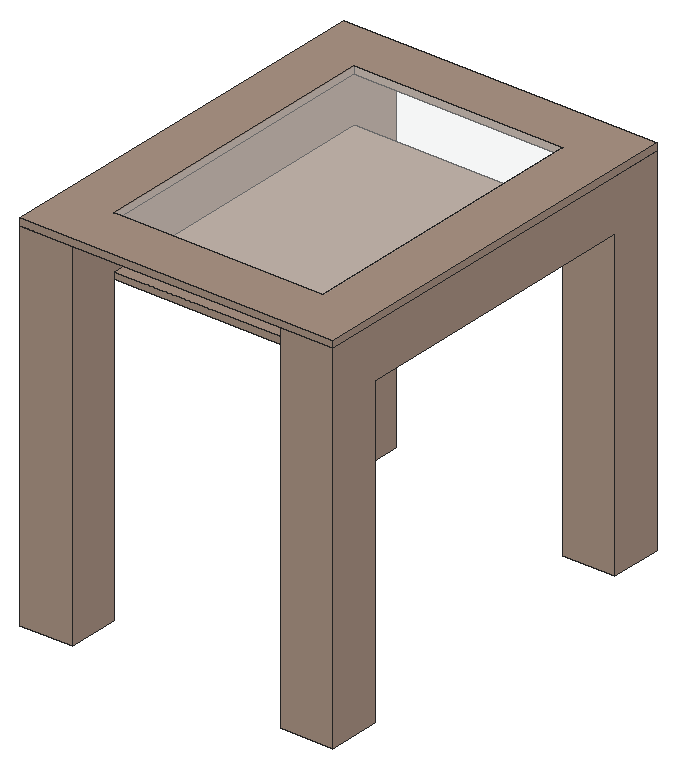
Revit family
Parameters (values of type "0787 x 0711 x 0610mm")
  Top Material = Wood - Teak
  Height = 711.00 mm
  Length = 610.00 mm
  Width = 787.00 mm
  Frame Material = Wood - Teak
Types (4, lengths in mm): name | Top Material | Height | Length | Width
  (no name) | Wood - Teak | 711.00 | 610.00 | 787.00
  0610 x 0610 x 0610mm | Metal - Chrome | 610.00 | 610.00 | 610.00
  0787 x 0711 x 0610mm | Wood - Teak | 711.00 | 610.00 | 787.00
  0915 x 1830 x 0457mm | Metal - Chrome | 457.00 | 1830.00 | 915.00
Reference planes
  plane 1 "Center (Front/Back)": y = 95.211
  plane 2: z = 0
  plane 3 "Center (Left/Right)": x = 18.266
  plane 4 "Front": y = -298.289
  plane 5 "Left": x = -286.734
  plane 6 "Right": x = 323.266
  plane 7 "Back": y = 488.711
  plane 8 "Top": z = 711
Forms (mm)
  Extrusion 1, solid, material "Wood - Teak" <- "Top Material"
    sketch origin (0, 0, 711) x (-1, 0, 0) y (0, -1, 0)
      loop
        line (286.734, -488.711) -> (286.734, 298.289) -> (-323.266, 298.289) -> (-323.266, -488.711) -> (286.734, -488.711)
      loop
        line (185.134, -387.111) -> (185.134, 196.689) -> (-221.666, 196.689) -> (-221.666, -387.111) -> (185.134, -387.111)
    from 0 to -12.7
  Extrusion 2, solid, material "Glass - Clear, Grey"
    sketch origin (0, 0, 711) x (-1, 0, 0) y (0, -1, 0)
      loop
        line (185.134, -387.111) -> (185.134, 196.689) -> (-221.666, 196.689) -> (-221.666, -387.111) -> (185.134, -387.111)
    from 0 to -12.7
  Extrusion 3, solid, material "Wood - Teak" <- "Frame Material"
    sketch origin (-286.734, 0, 0) x (0, 0, -1) y (0, -1, 0)
      loop
        line (0, -488.711) -> (0, -387.111) -> (-596.7, -387.111) -> (-596.7, 196.689) -> (0, 196.689) -> (0, 298.289) -> (-698.3, 298.289) -> (-698.3, -488.711) -> (0, -488.711)
    from 0 to -101.6
  Extrusion 4, solid, material "Wood - Teak" <- "Frame Material"
    sketch origin (323.266, 0, 0) x (0, 0, -1) y (0, -1, 0)
      loop
        line (0, -387.111) -> (-596.7, -387.111) -> (-596.7, 196.689) -> (0, 196.689) -> (0, 298.289) -> (-698.3, 298.289) -> (-698.3, -488.711) -> (0, -488.711) -> (0, -387.111)
    from 0 to 101.6
  Extrusion 5, solid, material "Wood - Teak" <- "Frame Material"
    sketch origin (0, 0, 711) x (-1, 0, 0) y (0, -1, 0)
      loop
        line (185.134, -387.111) -> (185.134, 196.689) -> (-221.666, 196.689) -> (-221.666, -387.111) -> (185.134, -387.111)
    from -101.6 to -114.3
Lines and regions (mm)
  Masking region 1
    outline origin (0, 0, 0) x (1, 0, 0) y (0, 1, 0)
      loop
        line (-286.734, 488.711) -> (-286.734, -298.289) -> (323.266, -298.289) -> (323.266, 488.711) -> (-286.734, 488.711)
  symbolic lines, style "Furniture"
    curve 1: line (-185.134, 387.111, 0) -> (221.666, 387.111, 0)
    curve 2: line (-185.134, -196.689, 0) -> (-185.134, 387.111, 0)
    curve 3: line (221.666, -196.689, 0) -> (-185.134, -196.689, 0)
    curve 4: line (221.666, 387.111, 0) -> (221.666, -196.689, 0)
Dimensions and locks
  equal spacing: plane 5 "Left", plane 3 "Center (Left/Right)", plane 6 "Right"
  "Length": plane 5 "Left" to plane 6 "Right"
  equal spacing: plane 4 "Front", plane 1 "Center (Front/Back)", plane 7 "Back"
  "Width": plane 4 "Front" to plane 7 "Back"
  "Height": plane 2 to plane 8 "Top"
  locked: Extrusion 1 sketch curve to plane 7 "Back" at 101.6
  locked: Extrusion 1 sketch curve to plane 4 "Front" at 101.6
  locked: Extrusion 3 sketch curve to plane 8 "Top" at 114.3
  locked: Extrusion 4 sketch curve to plane 8 "Top" at 114.3
  aligned and locked: level to plane 2
  aligned and locked: Extrusion 2 sketch curve to Extrusion 1  (x4)
  aligned and locked: Extrusion 1 to Extrusion 5 sketch curve
  aligned and locked: Extrusion 5 sketch curve to Extrusion 2  (x3)
  aligned and locked: Masking region 1 sketch curve to plane 5 "Left"
  aligned and locked: plane 6 "Right" to Masking region 1 sketch curve
  aligned and locked: plane 7 "Back" to Masking region 1 sketch curve
  aligned and locked: Masking region 1 sketch curve to plane 4 "Front"
Automatic sketch dimensions
  Extrusion 1 sketch curve to plane 6 "Right" = 0.00 mm
  Extrusion 1 sketch curve to plane 4 "Front" = 0.00 mm
  Extrusion 1 sketch curve to plane 5 "Left" = 0.00 mm
  Extrusion 1 sketch curve to plane 7 "Back" = 0.00 mm
  plane 6 "Right" to Extrusion 1 sketch curve = 101.60 mm
  Extrusion 1 sketch curve to plane 5 "Left" = 101.60 mm
  Extrusion 3 sketch curve to plane 7 "Back" = 0.00 mm
  Extrusion 3 sketch curve to plane 4 "Front" = 0.00 mm
  Extrusion 3 sketch curve to level = 0.00 mm  (x2)
  plane 8 "Top" to Extrusion 3 sketch curve = 12.70 mm
  Extrusion 3 sketch curve to Extrusion 3 sketch curve = 101.60 mm  (x2)
  Extrusion 4 sketch curve to plane 4 "Front" = 0.00 mm
  Extrusion 4 sketch curve to plane 7 "Back" = 0.00 mm
  Extrusion 4 sketch curve to level = 0.00 mm  (x2)
  Extrusion 4 sketch curve to plane 4 "Front" = 101.60 mm
  plane 8 "Top" to Extrusion 4 sketch curve = 12.70 mm
  plane 7 "Back" to Extrusion 4 sketch curve = 101.60 mm
  curve 1 to plane 5 "Left" = 101.60 mm
  plane 6 "Right" to curve 1 = 101.60 mm
  plane 7 "Back" to curve 1 = 101.60 mm
  curve 4 to plane 4 "Front" = 101.60 mm
